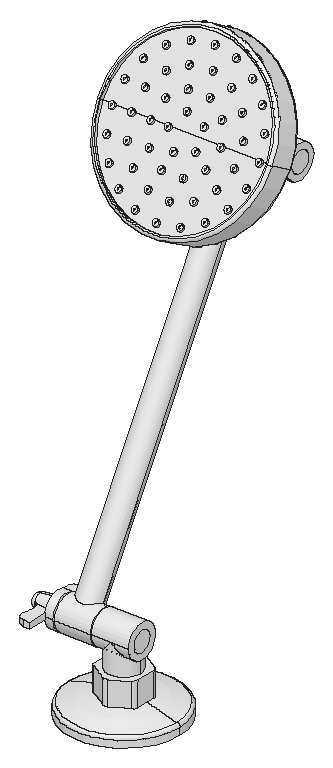
Revit family "CL10057-C3A_CLARK ROUND BASICS ADJUSTABLE SHOWER", category Plumbing Fixtures, host Face, Revit 2015
Parameters (values of type "CLARK ROUND BASICS ADJUSTABLE SHOWER")
  Waste Connection = no
  Vent Connection = no
  URL = "https://www.clark.com.au/"
  Shower Rod = GWA_Metal-Chrome
  Shower Nozzels = GWA_Metal-Chrome
  Shower Head = GWA_Metal-Chrome
  Model = "CL10057.C3A"
  Manufacturer = "GWA Bathrooms & Kitchens"  # constant formula
  HW Connection = no
  Description = "CLARK ROUND BASICS ADJUSTABLE SHOWER"
  Default Elevation = 0 mm
  CreatedBy_ANZRS = "GWA Bathrooms & Kitchens"  # constant formula
  CW Connection = no
  Assembly Code = "D2010710"
Reference planes
  plane 1 "Center (Front/Back)": y = 0
  plane 2: z = 0
  plane 3 "Center (Left/Right)": x = 0
Forms (mm)
  Sweep 1, solid, material "GWA_Metal-Chrome" <- "Shower Rod"
    path origin (-2.062, -0.721, 0) x (1, 0, 0) y (0, 1, 0)
      loop
        circle (0, 0) r 31
    profile origin (-2.062, 30.279, 0) x (0, -1, 0) y (0, 0, 1)
      loop
        line (-0.937, 0) -> (29.594, 0) -> (29.594, 10.207) -> (18.596, 10.207)
        arc (18.596, 10.207) -> (9.407, 8.593) -> (0.441, 6.016) r 88.065
        arc (0.441, 6.016) -> (-0.56, 5.23) -> (-0.937, 4.016) r 2.14
        line (-0.937, 4.016) -> (-0.937, 0)
  Extrusion 2, solid, material "GWA_Metal-Chrome" <- "Shower Rod"
    sketch origin (-2.062, -0.721, 0) x (1, 0, 0) y (0, 1, 0)
      loop
        line (1.61, -13.446) -> (11.081, -7.978)
        arc (11.081, -7.978) -> (12.135, -6.923) -> (12.522, -5.482) r 2.882
        line (12.522, -5.482) -> (12.522, 5.646)
        arc (12.522, 5.646) -> (12.133, 7.095) -> (11.072, 8.156) r 2.899
        line (11.072, 8.156) -> (1.576, 13.639)
        arc (1.576, 13.639) -> (0.151, 14.021) -> (-1.275, 13.639) r 2.852
        line (-1.275, 13.639) -> (-11.081, 7.978)
        arc (-11.081, 7.978) -> (-12.136, 6.923) -> (-12.522, 5.482) r 2.882
        line (-12.522, 5.482) -> (-12.522, -5.299)
        arc (-12.522, -5.299) -> (-12.129, -6.763) -> (-11.057, -7.835) r 2.929
        line (-11.057, -7.835) -> (-1.339, -13.446)
        arc (-1.339, -13.446) -> (0.135, -13.841) -> (1.61, -13.446) r 2.949
    from 8.844 to 23.755
  Extrusion 3, solid, material "GWA_Metal-Chrome" <- "Shower Rod"
    sketch origin (-2.062, -0.721, 0) x (1, 0, 0) y (0, 1, 0)
      loop
        circle (0, 0) r 9.5
    from 23.755 to 40
  Sweep 4, solid, material "GWA_Metal-Chrome" <- "Shower Rod"
    path origin (-0.812, -0.721, 0) x (0, 1, 0) y (0, 0, 1)
      loop
        arc (0.823, 40) -> (1.725, 42.576) -> (2.94, 45.02) r 21.946
        line (2.94, 45.02) -> (109.738, 230)
    profile origin (-0.812, 55.618, 137.51) x (0, -0.866025, 0.5) y (1, 0, 0)
      loop
        circle (0, -24) r 7
  Extrusion 5, solid, material "GWA_Metal-Chrome" <- "Shower Rod"
    sketch origin (-1.672, -0.721, 0.547) x (0, 1, 0) y (0, 0, 1)
      loop
        circle (0.002, 39.932) r 9.5
      loop
        circle (0.002, 39.932) r 6
      loop
        circle (0.002, 39.932) r 5.8
    from -37.97 to 10
  Extrusion 6, void
    sketch origin (-2.062, -0.721, 0) x (0, 1, 0) y (0, 0, 1)
      loop
        circle (0.002, 39.932) r 10.5
      loop
        circle (0.002, 39.932) r 8.2
    from -11.3 to -10.9
  Extrusion 7, void
    sketch origin (-0.695, -0.721, 0) x (0, 1, 0) y (0, 0, 1)
      loop
        circle (0, 40) r 10.5
      loop
        circle (0, 40) r 7
    from -34.167 to -33.167
  Extrusion 8, solid, material "GWA_Metal-Chrome" <- "Shower Rod"
    sketch origin (-2.062, 112.373, 196.25) x (0, 1, 0) y (0, 0, 1)
      loop
        circle (0.002, 39.932) r 9.5
      loop
        circle (0.002, 39.932) r 6
      loop
        circle (0.002, 39.932) r 5.8
    from -37.601 to 10.23
  Revolve 9, solid, material "GWA_Metal-Chrome" <- "Shower Rod"
    sketch origin (-2.062, 129.641, 225.965) x (0, 0.857167, -0.515038) y (1, 0, 0)
      loop
        line (-36.134, 9.919) -> (-36.134, 0) -> (-25.66, 0) -> (-25.66, 7) -> (-33.796, 7)
        arc (-33.796, 7) -> (-34.414, 8.417) -> (-34.777, 9.919) r 8.868
        line (-34.777, 9.919) -> (-36.134, 9.919)
      axis (-25.66, 0) -> (-36.134, 0)
    angle from 0 to 360
  Extrusion 10, solid, material "GWA_Metal-Chrome" <- "Shower Head"
    sketch origin (9.449, 71.942, 275.331) x (0.982629, 0.09558, 0.159072) y (-0.185579, 0.506092, 0.842278)
      loop
        arc (-16.812, -0.485) -> (-23.421, -8.098) -> (-20.043, -17.598) r 10
        arc (-20.043, -17.598) -> (-19.203, -18.181) -> (-18.273, -18.608) r 5.785
        arc (-18.273, -18.608) -> (-15.297, -18.967) -> (-12.395, -19.718) r 22.463
        arc (-12.395, -19.718) -> (-11.374, -19.66) -> (-10.379, -19.423) r 5.785
        arc (-10.379, -19.423) -> (-3.769, -11.81) -> (-7.147, -2.311) r 10
        arc (-7.147, -2.311) -> (-7.987, -1.727) -> (-8.917, -1.3) r 5.785
        arc (-8.917, -1.3) -> (-11.893, -0.942) -> (-14.795, -0.19) r 22.463
        arc (-14.795, -0.19) -> (-15.816, -0.248) -> (-16.812, -0.485) r 5.785
    from -25.57 to -38.75
  Revolve 11, solid, material "GWA_Metal-Chrome" <- "Shower Head"
    sketch origin (-2.062, 129.468, 226.385) x (0, 0.857167, -0.515038) y (1, 0, 0)
      loop
        line (-47.752, 0) -> (-47.752, 9.158) -> (-52.752, 9.158)
        arc (-52.752, 9.158) -> (-54.898, 11.843) -> (-58.094, 13.11) r 6.698
        line (-58.094, 13.11) -> (-58.094, 16.063)
        arc (-58.094, 16.063) -> (-58.475, 18.043) -> (-60.282, 18.938) r 2.27
        line (-60.282, 18.938) -> (-76.688, 18.938)
        arc (-76.688, 18.938) -> (-78.279, 19.478) -> (-79.212, 20.875) r 2.613
        line (-79.212, 20.875) -> (-79.212, 0) -> (-47.752, 0)
      axis (-47.752, 0) -> (-79.212, 0)
    angle from 0 to 360
  Revolve 12, solid, material "GWA_Metal-Chrome" <- "Shower Head"
    sketch origin (-2.062, 169.988, 205.209) x (0, 0.866025, -0.5) y (-1, 0, 0)
      loop
        line (-147.571, -47.188) -> (-147.571, -48.174)
        arc (-147.571, -48.174) -> (-147.132, -49.229) -> (-146.288, -50) r 2.64
        line (-146.288, -50) -> (-132.368, -50)
        arc (-132.368, -50) -> (-131.745, -49.782) -> (-131.393, -49.223) r 1
        arc (-131.393, -49.223) -> (-127.984, -34.56) -> (-124.464, -19.924) r 2006.69
        line (-124.464, -19.924) -> (-126.208, 0) -> (-146.571, 0) -> (-146.571, -47.188) -> (-147.571, -47.188)
      axis (-147.571, 0) -> (-124.464, 0)
    angle from 0 to 360
  Revolve 13, solid, material "GWA_Metal-Chrome" <- "Shower Rod"
    sketch origin (-2.062, -0.721, 0) x (1, 0, 0) y (0, 0, 1)
      loop
        line (-37.58, 40.557) -> (-51.095, 40.557)
        arc (-51.095, 40.557) -> (-50.137, 37.629) -> (-47.448, 36.125) r 4.235
        line (-47.448, 36.125) -> (-37.58, 34.593) -> (-37.58, 40.557)
      axis (-37.58, 40.557) -> (-51.095, 40.557)
    angle from 0 to 360
  Extrusion 14, solid, material "GWA_Metal-Chrome" <- "Shower Rod"
    sketch origin (-2.062, -0.721, 0) x (1, 0, 0) y (0, 1, 0)
      loop
        line (-37.601, 5.668) -> (-37.601, 19.963) -> (-41.101, 19.963)
        spline (-41.101, 19.963) -> (-43.016, 19.452) -> (-44.25, 18.603) -> (-44.924, 17.473) -> (-45.158, 16.121) -> (-45.072, 14.605) -> (-44.784, 12.984) -> (-44.426, 11.315) -> (-44.16, 9.661) -> (-44.158, 8.084) -> (-44.592, 6.645) -> (-45.631, 5.407) -> (-47.448, 4.432)
        line (-47.448, 4.432) -> (-37.601, 5.668)
    from 38.889 to 42.303
  Extrusion 15, solid, material "GWA_Metal-Chrome" <- "Shower Rod"
    sketch origin (-2.062, -0.721, 0) x (1, 0, 0) y (0, 1, 0)
      loop
        line (-37.601, -5.668) -> (-47.448, -4.432)
        spline (-47.448, -4.432) -> (-45.631, -5.407) -> (-44.592, -6.645) -> (-44.158, -8.084) -> (-44.16, -9.661) -> (-44.426, -11.315) -> (-44.784, -12.984) -> (-45.072, -14.605) -> (-45.158, -16.121) -> (-44.924, -17.473) -> (-44.25, -18.603) -> (-43.016, -19.452) -> (-41.101, -19.963)
        line (-41.101, -19.963) -> (-37.601, -19.963) -> (-37.601, -5.668)
    from 38.745 to 42.097
  Extrusion 16, solid, material "GWA_Metal-Chrome" <- "Shower Nozzels"
    sketch origin (-82.285, -32.316, 146.904) x (1, 0, 0) y (0, 0.5, 0.866025)
      loop
        circle (56.379, 184.833) r 1.748
    from 0 to 1.031
  Extrusion 17, void
    sketch origin (-82.285, -32.316, 146.904) x (1, 0, 0) y (0, 0.5, 0.866025)
      loop
        circle (56.379, 184.833) r 0.5
    from -0.292 to 1.451
  Extrusion 18, solid, material "GWA_Metal-Chrome" <- "Shower Nozzels"
    sketch origin (-70.563, -29.323, 152.089) x (1, 0, 0) y (0, 0.5, 0.866025)
      loop
        circle (56.379, 184.833) r 1.748
    from 0 to 1.031
  Extrusion 19, void
    sketch origin (-70.603, -29.342, 152.055) x (1, 0, 0) y (0, 0.5, 0.866025)
      loop
        circle (56.379, 184.833) r 0.5
    from -0.292 to 1.451
  Extrusion 20, solid, material "GWA_Metal-Chrome" <- "Shower Nozzels"
    sketch origin (-91.58, -36.964, 138.855) x (1, 0, 0) y (0, 0.5, 0.866025)
      loop
        circle (56.379, 184.833) r 1.748
    from 0 to 1.031
  Extrusion 21, void
    sketch origin (-91.58, -36.964, 138.855) x (1, 0, 0) y (0, 0.5, 0.866025)
      loop
        circle (56.379, 184.833) r 0.5
    from -0.292 to 1.451
  Extrusion 22, solid, material "GWA_Metal-Chrome" <- "Shower Nozzels"
    sketch origin (-97.539, -42.81, 128.729) x (1, 0, 0) y (0, 0.5, 0.866025)
      loop
        circle (56.379, 184.833) r 1.748
    from 0 to 1.031
  Extrusion 23, void
    sketch origin (-97.539, -42.81, 128.729) x (1, 0, 0) y (0, 0.5, 0.866025)
      loop
        circle (56.379, 184.833) r 0.5
    from -0.292 to 1.451
  Extrusion 24, solid, material "GWA_Metal-Chrome" <- "Shower Nozzels"
    sketch origin (-99.598, -49.306, 117.477) x (1, 0, 0) y (0, 0.5, 0.866025)
      loop
        circle (56.379, 184.833) r 1.748
    from 0 to 1.031
  Extrusion 25, void
    sketch origin (-99.598, -49.306, 117.477) x (1, 0, 0) y (0, 0.5, 0.866025)
      loop
        circle (56.379, 184.833) r 0.5
    from -0.292 to 1.451
  Extrusion 26, solid, material "GWA_Metal-Chrome" <- "Shower Nozzels"
    sketch origin (-57.598, -28.303, 153.856) x (1, 0, 0) y (0, 0.5, 0.866025)
      loop
        circle (56.379, 184.833) r 1.748
    from 0 to 1.031
  Extrusion 27, void
    sketch origin (-57.598, -28.303, 153.856) x (1, 0, 0) y (0, 0.5, 0.866025)
      loop
        circle (56.379, 184.833) r 0.5
    from -0.292 to 1.451
  Extrusion 28, solid, material "GWA_Metal-Chrome" <- "Shower Nozzels"
    sketch origin (79.847, -32.316, 146.904) x (-1, 0, 0) y (0, -0.5, -0.866025)
      loop
        circle (56.379, -184.833) r 1.748
    from 0 to 1.031
  Extrusion 29, void
    sketch origin (79.847, -32.316, 146.904) x (-1, 0, 0) y (0, -0.5, -0.866025)
      loop
        circle (56.379, -184.833) r 0.5
    from -0.292 to 1.451
  Extrusion 30, solid, material "GWA_Metal-Chrome" <- "Shower Nozzels"
    sketch origin (68.125, -29.323, 152.089) x (-1, 0, 0) y (0, -0.5, -0.866025)
      loop
        circle (56.379, -184.833) r 1.748
    from 0 to 1.031
  Extrusion 31, void
    sketch origin (68.164, -29.342, 152.055) x (-1, 0, 0) y (0, -0.5, -0.866025)
      loop
        circle (56.379, -184.833) r 0.5
    from -0.292 to 1.451
  Extrusion 32, solid, material "GWA_Metal-Chrome" <- "Shower Nozzels"
    sketch origin (89.141, -36.964, 138.855) x (-1, 0, 0) y (0, -0.5, -0.866025)
      loop
        circle (56.379, -184.833) r 1.748
    from 0 to 1.031
  Extrusion 33, void
    sketch origin (89.141, -36.964, 138.855) x (-1, 0, 0) y (0, -0.5, -0.866025)
      loop
        circle (56.379, -184.833) r 0.5
    from -0.292 to 1.451
  Extrusion 34, solid, material "GWA_Metal-Chrome" <- "Shower Nozzels"
    sketch origin (95.1, -42.81, 128.729) x (-1, 0, 0) y (0, -0.5, -0.866025)
      loop
        circle (56.379, -184.833) r 1.748
    from 0 to 1.031
  Extrusion 35, void
    sketch origin (95.1, -42.81, 128.729) x (-1, 0, 0) y (0, -0.5, -0.866025)
      loop
        circle (56.379, -184.833) r 0.5
    from -0.292 to 1.451
  Extrusion 36, solid, material "GWA_Metal-Chrome" <- "Shower Nozzels"
    sketch origin (97.16, -49.306, 117.477) x (-1, 0, 0) y (0, -0.5, -0.866025)
      loop
        circle (56.379, -184.833) r 1.748
    from 0 to 1.031
  Extrusion 37, void
    sketch origin (97.16, -49.306, 117.477) x (-1, 0, 0) y (0, -0.5, -0.866025)
      loop
        circle (56.379, -184.833) r 0.5
    from -0.292 to 1.451
  Extrusion 38, solid, material "GWA_Metal-Chrome" <- "Shower Nozzels"
    sketch origin (-82.285, 118.546, 408.205) x (1, 0, 0) y (0, 0.5, 0.866025)
      loop
        circle (56.379, -184.833) r 1.748
    from 0 to 1.031
  Extrusion 39, void
    sketch origin (-82.285, 118.546, 408.205) x (1, 0, 0) y (0, 0.5, 0.866025)
      loop
        circle (56.379, -184.833) r 0.5
    from -0.292 to 1.451
  Extrusion 40, solid, material "GWA_Metal-Chrome" <- "Shower Nozzels"
    sketch origin (-70.563, 115.552, 403.02) x (1, 0, 0) y (0, 0.5, 0.866025)
      loop
        circle (56.379, -184.833) r 1.748
    from 0 to 1.031
  Extrusion 41, void
    sketch origin (-70.603, 115.572, 403.054) x (1, 0, 0) y (0, 0.5, 0.866025)
      loop
        circle (56.379, -184.833) r 0.5
    from -0.292 to 1.451
  Extrusion 42, solid, material "GWA_Metal-Chrome" <- "Shower Nozzels"
    sketch origin (-91.58, 123.193, 416.254) x (1, 0, 0) y (0, 0.5, 0.866025)
      loop
        circle (56.379, -184.833) r 1.748
    from 0 to 1.031
  Extrusion 43, void
    sketch origin (-91.58, 123.193, 416.254) x (1, 0, 0) y (0, 0.5, 0.866025)
      loop
        circle (56.379, -184.833) r 0.5
    from -0.292 to 1.451
  Extrusion 44, solid, material "GWA_Metal-Chrome" <- "Shower Nozzels"
    sketch origin (-97.539, 129.039, 426.38) x (1, 0, 0) y (0, 0.5, 0.866025)
      loop
        circle (56.379, -184.833) r 1.748
    from 0 to 1.031
  Extrusion 45, void
    sketch origin (-97.539, 129.039, 426.38) x (1, 0, 0) y (0, 0.5, 0.866025)
      loop
        circle (56.379, -184.833) r 0.5
    from -0.292 to 1.451
  Extrusion 46, solid, material "GWA_Metal-Chrome" <- "Shower Nozzels"
    sketch origin (-57.598, 114.532, 401.254) x (1, 0, 0) y (0, 0.5, 0.866025)
      loop
        circle (56.379, -184.833) r 1.748
    from 0 to 1.031
  Extrusion 47, void
    sketch origin (-57.598, 114.532, 401.254) x (1, 0, 0) y (0, 0.5, 0.866025)
      loop
        circle (56.379, -184.833) r 0.5
    from -0.292 to 1.451
  Extrusion 48, solid, material "GWA_Metal-Chrome" <- "Shower Nozzels"
    sketch origin (79.847, 118.546, 408.205) x (-1, 0, 0) y (0, -0.5, -0.866025)
      loop
        circle (56.379, 184.833) r 1.748
    from 0 to 1.031
  Extrusion 49, void
    sketch origin (79.847, 118.546, 408.205) x (-1, 0, 0) y (0, -0.5, -0.866025)
      loop
        circle (56.379, 184.833) r 0.5
    from -0.292 to 1.451
  Extrusion 50, solid, material "GWA_Metal-Chrome" <- "Shower Nozzels"
    sketch origin (68.125, 115.552, 403.02) x (-1, 0, 0) y (0, -0.5, -0.866025)
      loop
        circle (56.379, 184.833) r 1.748
    from 0 to 1.031
  Extrusion 51, void
    sketch origin (68.164, 115.572, 403.054) x (-1, 0, 0) y (0, -0.5, -0.866025)
      loop
        circle (56.379, 184.833) r 0.5
    from -0.292 to 1.451
  Extrusion 52, solid, material "GWA_Metal-Chrome" <- "Shower Nozzels"
    sketch origin (89.141, 123.193, 416.254) x (-1, 0, 0) y (0, -0.5, -0.866025)
      loop
        circle (56.379, 184.833) r 1.748
    from 0 to 1.031
  Extrusion 53, void
    sketch origin (89.141, 123.193, 416.254) x (-1, 0, 0) y (0, -0.5, -0.866025)
      loop
        circle (56.379, 184.833) r 0.5
    from -0.292 to 1.451
  Extrusion 54, solid, material "GWA_Metal-Chrome" <- "Shower Nozzels"
    sketch origin (95.1, 129.039, 426.38) x (-1, 0, 0) y (0, -0.5, -0.866025)
      loop
        circle (56.379, 184.833) r 1.748
    from 0 to 1.031
  Extrusion 55, void
    sketch origin (95.1, 129.039, 426.38) x (-1, 0, 0) y (0, -0.5, -0.866025)
      loop
        circle (56.379, 184.833) r 0.5
    from -0.292 to 1.451
  Extrusion 56, solid, material "GWA_Metal-Chrome" <- "Shower Nozzels"
    sketch origin (-54.342, -33.883, 144.19) x (1, 0, 0) y (0, 0.5, 0.866025)
      loop
        circle (56.379, 184.833) r 1.748
    from 0 to 1.031
  Extrusion 57, void
    sketch origin (-54.342, -33.883, 144.19) x (1, 0, 0) y (0, 0.5, 0.866025)
      loop
        circle (56.379, 184.833) r 0.5
    from -0.292 to 1.451
  Extrusion 58, solid, material "GWA_Metal-Chrome" <- "Shower Nozzels"
    sketch origin (-112.479, -16.379, 174.508) x (0.913227, -0.203726, -0.352864) y (0.407452, 0.456613, 0.790878)
      loop
        circle (56.379, 184.833) r 1.748
    from 0 to 1.031
  Extrusion 59, void
    sketch origin (-112.479, -16.379, 174.508) x (0.913227, -0.203726, -0.352864) y (0.407452, 0.456613, 0.790878)
      loop
        circle (56.379, 184.833) r 0.5
    from -0.292 to 1.451
  Extrusion 60, solid, material "GWA_Metal-Chrome" <- "Shower Nozzels"
    sketch origin (-151.306, 11.45, 222.709) x (0.667966, -0.372096, -0.644489) y (0.744192, 0.333983, 0.578476)
      loop
        circle (56.379, 184.833) r 1.748
    from 0 to 1.031
  Extrusion 61, void
    sketch origin (-151.306, 11.45, 222.709) x (0.667966, -0.372096, -0.644489) y (0.744192, 0.333983, 0.578476)
      loop
        circle (56.379, 184.833) r 0.5
    from -0.292 to 1.451
  Extrusion 62, solid, material "GWA_Metal-Chrome" <- "Shower Nozzels"
    sketch origin (-164.087, 44.774, 280.428) x (0.306782, -0.47589, -0.824265) y (0.95178, 0.153391, 0.265681)
      loop
        circle (56.379, 184.833) r 1.748
    from 0 to 1.031
  Extrusion 63, void
    sketch origin (-164.087, 44.774, 280.428) x (0.306782, -0.47589, -0.824265) y (0.95178, 0.153391, 0.265681)
      loop
        circle (56.379, 184.833) r 0.5
    from -0.292 to 1.451
  Extrusion 64, solid, material "GWA_Metal-Chrome" <- "Shower Nozzels"
    sketch origin (-148.602, 77.81, 337.649) x (-0.107643, -0.497095, -0.860993) y (0.99419, -0.053821, -0.093221)
      loop
        circle (56.379, 184.833) r 1.748
    from 0 to 1.031
  Extrusion 65, void
    sketch origin (-148.602, 77.81, 337.649) x (-0.107643, -0.497095, -0.860993) y (0.99419, -0.053821, -0.093221)
      loop
        circle (56.379, 184.833) r 0.5
    from -0.292 to 1.451
  Extrusion 66, solid, material "GWA_Metal-Chrome" <- "Shower Nozzels"
    sketch origin (-107.54, 104.825, 384.44) x (-0.503387, -0.432031, -0.748299) y (0.864061, -0.251693, -0.435946)
      loop
        circle (56.379, 184.833) r 1.748
    from 0 to 1.031
  Extrusion 67, void
    sketch origin (-107.54, 104.825, 384.44) x (-0.503387, -0.432031, -0.748299) y (0.864061, -0.251693, -0.435946)
      loop
        circle (56.379, 184.833) r 0.5
    from -0.292 to 1.451
  Extrusion 68, solid, material "GWA_Metal-Chrome" <- "Shower Nozzels"
    sketch origin (-48.026, 121.131, 412.682) x (-0.811769, -0.291989, -0.50574) y (0.583978, -0.405885, -0.703013)
      loop
        circle (56.379, 184.833) r 1.748
    from 0 to 1.031
  Extrusion 69, void
    sketch origin (-48.026, 121.131, 412.682) x (-0.811769, -0.291989, -0.50574) y (0.583978, -0.405885, -0.703013)
      loop
        circle (56.379, 184.833) r 0.5
    from -0.292 to 1.451
  Extrusion 70, solid, material "GWA_Metal-Chrome" <- "Shower Nozzels"
    sketch origin (19.611, 123.897, 417.473) x (-0.979272, -0.101274, -0.175411) y (0.202548, -0.489636, -0.848075)
      loop
        circle (56.379, 184.833) r 1.748
    from 0 to 1.031
  Extrusion 71, void
    sketch origin (19.611, 123.897, 417.473) x (-0.979272, -0.101274, -0.175411) y (0.202548, -0.489636, -0.848075)
      loop
        circle (56.379, 184.833) r 0.5
    from -0.292 to 1.451
  Extrusion 72, solid, material "GWA_Metal-Chrome" <- "Shower Nozzels"
    sketch origin (83.633, 112.643, 397.982) x (-0.976826, 0.107017, 0.185359) y (-0.214035, -0.488413, -0.845956)
      loop
        circle (56.379, 184.833) r 1.748
    from 0 to 1.031
  Extrusion 73, void
    sketch origin (83.633, 112.643, 397.982) x (-0.976826, 0.107017, 0.185359) y (-0.214035, -0.488413, -0.845956)
      loop
        circle (56.379, 184.833) r 0.5
    from -0.292 to 1.451
  Extrusion 74, solid, material "GWA_Metal-Chrome" <- "Shower Nozzels"
    sketch origin (132.929, 89.323, 357.591) x (-0.804855, 0.296736, 0.513961) y (-0.593472, -0.402427, -0.697025)
      loop
        circle (56.379, 184.833) r 1.748
    from 0 to 1.031
  Extrusion 75, void
    sketch origin (132.929, 89.323, 357.591) x (-0.804855, 0.296736, 0.513961) y (-0.593472, -0.402427, -0.697025)
      loop
        circle (56.379, 184.833) r 0.5
    from -0.292 to 1.451
  Extrusion 76, solid, material "GWA_Metal-Chrome" <- "Shower Nozzels"
    sketch origin (158.944, 57.984, 303.309) x (-0.493204, 0.434957, 0.753367) y (-0.869914, -0.246602, -0.427127)
      loop
        circle (56.379, 184.833) r 1.748
    from 0 to 1.031
  Extrusion 77, void
    sketch origin (158.944, 57.984, 303.309) x (-0.493204, 0.434957, 0.753367) y (-0.869914, -0.246602, -0.427127)
      loop
        circle (56.379, 184.833) r 0.5
    from -0.292 to 1.451
  Extrusion 78, solid, material "GWA_Metal-Chrome" <- "Shower Nozzels"
    sketch origin (157.163, 24.064, 244.559) x (-0.095959, 0.497693, 0.862029) y (-0.995385, -0.04798, -0.083103)
      loop
        circle (56.379, 184.833) r 1.748
    from 0 to 1.031
  Extrusion 79, void
    sketch origin (157.163, 24.064, 244.559) x (-0.095959, 0.497693, 0.862029) y (-0.995385, -0.04798, -0.083103)
      loop
        circle (56.379, 184.833) r 0.5
    from -0.292 to 1.451
  Extrusion 80, solid, material "GWA_Metal-Chrome" <- "Shower Nozzels"
    sketch origin (127.896, -6.549, 191.534) x (0.317939, 0.474056, 0.821088) y (-0.948111, 0.15897, 0.275343)
      loop
        circle (56.379, 184.833) r 1.748
    from 0 to 1.031
  Extrusion 81, void
    sketch origin (127.896, -6.549, 191.534) x (0.317939, 0.474056, 0.821088) y (-0.948111, 0.15897, 0.275343)
      loop
        circle (56.379, 184.833) r 0.5
    from -0.292 to 1.451
  Extrusion 82, solid, material "GWA_Metal-Chrome" <- "Shower Nozzels"
    sketch origin (76.221, -28.544, 153.439) x (0.67666, 0.368148, 0.637651) y (-0.736296, 0.33833, 0.586005)
      loop
        circle (56.379, 184.833) r 1.748
    from 0 to 1.031
  Extrusion 83, void
    sketch origin (76.221, -28.544, 153.439) x (0.67666, 0.368148, 0.637651) y (-0.736296, 0.33833, 0.586005)
      loop
        circle (56.379, 184.833) r 0.5
    from -0.292 to 1.451
  Extrusion 84, solid, material "GWA_Metal-Chrome" <- "Shower Nozzels"
    sketch origin (-67.218, -34.569, 143.002) x (1, 0, 0) y (0, 0.5, 0.866025)
      loop
        circle (56.379, 184.833) r 1.748
    from 0 to 1.031
  Extrusion 85, void
    sketch origin (-67.218, -34.569, 143.002) x (1, 0, 0) y (0, 0.5, 0.866025)
      loop
        circle (56.379, 184.833) r 0.5
    from -0.292 to 1.451
  Extrusion 86, solid, material "GWA_Metal-Chrome" <- "Shower Nozzels"
    sketch origin (-51.365, -39.772, 133.991) x (1, 0, 0) y (0, 0.5, 0.866025)
      loop
        circle (56.379, 184.833) r 1.748
    from 0 to 1.031
  Extrusion 87, void
    sketch origin (-51.365, -39.772, 133.991) x (1, 0, 0) y (0, 0.5, 0.866025)
      loop
        circle (56.379, 184.833) r 0.5
    from -0.292 to 1.451
  Extrusion 88, solid, material "GWA_Metal-Chrome" <- "Shower Nozzels"
    sketch origin (-138.19, -9.959, 185.628) x (0.814765, -0.289896, -0.502114) y (0.579792, 0.407382, 0.705607)
      loop
        circle (56.379, 184.833) r 1.748
    from 0 to 1.031
  Extrusion 89, void
    sketch origin (-138.19, -9.959, 185.628) x (0.814765, -0.289896, -0.502114) y (0.579792, 0.407382, 0.705607)
      loop
        circle (56.379, 184.833) r 0.5
    from -0.292 to 1.451
  Extrusion 90, solid, material "GWA_Metal-Chrome" <- "Shower Nozzels"
    sketch origin (-174.271, 39.487, 271.271) x (0.327683, -0.472394, -0.81821) y (0.944788, 0.163842, 0.283782)
      loop
        circle (56.379, 184.833) r 1.748
    from 0 to 1.031
  Extrusion 91, void
    sketch origin (-174.271, 39.487, 271.271) x (0.327683, -0.472394, -0.81821) y (0.944788, 0.163842, 0.283782)
      loop
        circle (56.379, 184.833) r 0.5
    from -0.292 to 1.451
  Extrusion 92, solid, material "GWA_Metal-Chrome" <- "Shower Nozzels"
    sketch origin (-146.554, 90.219, 359.141) x (-0.280795, -0.479884, -0.831183) y (0.959768, -0.140398, -0.243176)
      loop
        circle (56.379, 184.833) r 1.748
    from 0 to 1.031
  Extrusion 93, void
    sketch origin (-146.554, 90.219, 359.141) x (-0.280795, -0.479884, -0.831183) y (0.959768, -0.140398, -0.243176)
      loop
        circle (56.379, 184.833) r 0.5
    from -0.292 to 1.451
  Extrusion 94, solid, material "GWA_Metal-Chrome" <- "Shower Nozzels"
    sketch origin (-65.189, 123.648, 417.042) x (-0.785247, -0.309591, -0.536227) y (0.619182, -0.392624, -0.680044)
      loop
        circle (56.379, 184.833) r 1.748
    from 0 to 1.031
  Extrusion 95, void
    sketch origin (-65.189, 123.648, 417.042) x (-0.785247, -0.309591, -0.536227) y (0.619182, -0.392624, -0.680044)
      loop
        circle (56.379, 184.833) r 0.5
    from -0.292 to 1.451
  Extrusion 96, solid, material "GWA_Metal-Chrome" <- "Shower Nozzels"
    sketch origin (39.771, 127.291, 423.352) x (-0.998789, -0.024604, -0.042615) y (0.049208, -0.499394, -0.864976)
      loop
        circle (56.379, 184.833) r 1.748
    from 0 to 1.031
  Extrusion 97, void
    sketch origin (39.771, 127.291, 423.352) x (-0.998789, -0.024604, -0.042615) y (0.049208, -0.499394, -0.864976)
      loop
        circle (56.379, 184.833) r 0.5
    from -0.292 to 1.451
  Extrusion 98, solid, material "GWA_Metal-Chrome" <- "Shower Nozzels"
    sketch origin (129.745, 99.885, 375.884) x (-0.842308, 0.269498, 0.466785) y (-0.538997, -0.421154, -0.72946)
      loop
        circle (56.379, 184.833) r 1.748
    from 0 to 1.031
  Extrusion 99, void
    sketch origin (129.745, 99.885, 375.884) x (-0.842308, 0.269498, 0.466785) y (-0.538997, -0.421154, -0.72946)
      loop
        circle (56.379, 184.833) r 0.5
    from -0.292 to 1.451
  Extrusion 100, solid, material "GWA_Metal-Chrome" <- "Shower Nozzels"
    sketch origin (171.281, 51.543, 292.154) x (-0.373777, 0.463759, 0.803255) y (-0.927519, -0.186889, -0.323701)
      loop
        circle (56.379, 184.833) r 1.748
    from 0 to 1.031
  Extrusion 101, void
    sketch origin (171.281, 51.543, 292.154) x (-0.373777, 0.463759, 0.803255) y (-0.927519, -0.186889, -0.323701)
      loop
        circle (56.379, 184.833) r 0.5
    from -0.292 to 1.451
  Extrusion 102, solid, material "GWA_Metal-Chrome" <- "Shower Nozzels"
    sketch origin (149.224, 0.027, 202.925) x (0.233227, 0.486211, 0.842142) y (-0.972422, 0.116614, 0.201981)
      loop
        circle (56.379, 184.833) r 1.748
    from 0 to 1.031
  Extrusion 103, void
    sketch origin (149.224, 0.027, 202.925) x (0.233227, 0.486211, 0.842142) y (-0.972422, 0.116614, 0.201981)
      loop
        circle (56.379, 184.833) r 0.5
    from -0.292 to 1.451
  Extrusion 104, solid, material "GWA_Metal-Chrome" <- "Shower Nozzels"
    sketch origin (71.623, -35.529, 141.339) x (0.753828, 0.328536, 0.569041) y (-0.657072, 0.376914, 0.652834)
      loop
        circle (56.379, 184.833) r 1.748
    from 0 to 1.031
  Extrusion 105, void
    sketch origin (71.623, -35.529, 141.339) x (0.753828, 0.328536, 0.569041) y (-0.657072, 0.376914, 0.652834)
      loop
        circle (56.379, 184.833) r 0.5
    from -0.292 to 1.451
  Extrusion 106, solid, material "GWA_Metal-Chrome" <- "Shower Nozzels"
    sketch origin (181.281, 51.543, 292.154) x (-0.373777, 0.463759, 0.803255) y (-0.927519, -0.186889, -0.323701)
      loop
        circle (56.379, 184.833) r 1.748
    from 0 to 1.031
  Extrusion 107, void
    sketch origin (181.281, 51.543, 292.154) x (-0.373777, 0.463759, 0.803255) y (-0.927519, -0.186889, -0.323701)
      loop
        circle (56.379, 184.833) r 0.5
    from -0.292 to 1.451
  Extrusion 108, solid, material "GWA_Metal-Chrome" <- "Shower Nozzels"
    sketch origin (-186.221, 36.482, 266.067) x (0.327683, -0.472394, -0.81821) y (0.944788, 0.163842, 0.283782)
      loop
        circle (56.379, 184.833) r 1.748
    from 0 to 1.031
  Extrusion 109, void
    sketch origin (-186.221, 36.482, 266.067) x (0.327683, -0.472394, -0.81821) y (0.944788, 0.163842, 0.283782)
      loop
        circle (56.379, 184.833) r 0.5
    from -0.292 to 1.451
  Extrusion 110, solid, material "GWA_Metal-Chrome" <- "Shower Nozzels"
    sketch origin (-197.387, 34.724, 263.022) x (0.327683, -0.472394, -0.81821) y (0.944788, 0.163842, 0.283782)
      loop
        circle (56.379, 184.833) r 1.748
    from 0 to 1.031
  Extrusion 111, void
    sketch origin (-197.543, 34.724, 263.022) x (0.327683, -0.472394, -0.81821) y (0.944788, 0.163842, 0.283782)
      loop
        circle (56.379, 184.833) r 0.5
    from -0.292 to 1.451
  Extrusion 112, solid, material "GWA_Metal-Chrome" <- "Shower Nozzels"
    sketch origin (-186.181, 42.393, 276.304) x (0.327683, -0.472394, -0.81821) y (0.944788, 0.163842, 0.283782)
      loop
        circle (56.379, 184.833) r 1.748
    from 0 to 1.031
  Extrusion 113, void
    sketch origin (-186.26, 42.354, 276.237) x (0.327683, -0.472394, -0.81821) y (0.944788, 0.163842, 0.283782)
      loop
        circle (56.379, 184.833) r 0.5
    from -0.292 to 1.451
  Extrusion 114, solid, material "GWA_Metal-Chrome" <- "Shower Nozzels"
    sketch origin (-197.435, 44.234, 279.493) x (0.327683, -0.472394, -0.81821) y (0.944788, 0.163842, 0.283782)
      loop
        circle (56.379, 184.833) r 1.748
    from 0 to 1.031
  Extrusion 115, void
    sketch origin (-197.357, 44.195, 279.425) x (0.327683, -0.472394, -0.81821) y (0.944788, 0.163842, 0.283782)
      loop
        circle (56.379, 184.833) r 0.5
    from -0.292 to 1.451
  Extrusion 116, void
    sketch origin (0, 0, 0) x (0, 1, 0) y (0, 0, 1)
      loop
        circle (112.346, 236.222) r 10
      loop
        circle (112.346, 236.222) r 8.065
    from -34.855 to -33.857
  Extrusion 117, void
    sketch origin (0, 0, 0) x (0, 1, 0) y (0, 0, 1)
      loop
        circle (112.344, 236.224) r 10
      loop
        circle (112.506, 236.102) r 8.65
    from -13.355 to -12.948
  Revolve 118, solid, material "GWA_Metal-Chrome" <- "Shower Rod"
    sketch origin (-2.062, 112.375, 195.729) x (1, 0, 0) y (0, 0, 1)
      loop
        line (-37.58, 40.557) -> (-51.095, 40.557)
        arc (-51.095, 40.557) -> (-50.137, 37.629) -> (-47.448, 36.125) r 4.235
        line (-47.448, 36.125) -> (-37.58, 34.593) -> (-37.58, 40.557)
      axis (-37.58, 40.557) -> (-51.095, 40.557)
    angle from 0 to 360
  Extrusion 119, solid, material "GWA_Metal-Chrome" <- "Shower Rod"
    sketch origin (-2.062, 112.375, 195.729) x (1, 0, 0) y (0, 1, 0)
      loop
        line (-37.601, 5.668) -> (-37.601, 19.963) -> (-41.101, 19.963)
        spline (-41.101, 19.963) -> (-43.016, 19.452) -> (-44.25, 18.603) -> (-44.924, 17.473) -> (-45.158, 16.121) -> (-45.072, 14.605) -> (-44.784, 12.984) -> (-44.426, 11.315) -> (-44.16, 9.661) -> (-44.158, 8.084) -> (-44.592, 6.645) -> (-45.631, 5.407) -> (-47.448, 4.432)
        line (-47.448, 4.432) -> (-37.601, 5.668)
    from 38.889 to 42.303
  Extrusion 120, solid, material "GWA_Metal-Chrome" <- "Shower Rod"
    sketch origin (-2.062, 112.375, 195.729) x (1, 0, 0) y (0, 1, 0)
      loop
        line (-37.601, -5.668) -> (-47.448, -4.432)
        spline (-47.448, -4.432) -> (-45.631, -5.407) -> (-44.592, -6.645) -> (-44.158, -8.084) -> (-44.16, -9.661) -> (-44.426, -11.315) -> (-44.784, -12.984) -> (-45.072, -14.605) -> (-45.158, -16.121) -> (-44.924, -17.473) -> (-44.25, -18.603) -> (-43.016, -19.452) -> (-41.101, -19.963)
        line (-41.101, -19.963) -> (-37.601, -19.963) -> (-37.601, -5.668)
    from 38.745 to 42.097
Cuts and joins
  Extrusion 6, Extrusion 7 cuts Extrusion 5
  Extrusion 17 cuts Extrusion 16
  Extrusion 19 cuts Extrusion 18
  Extrusion 21 cuts Extrusion 20
  Extrusion 23 cuts Extrusion 22
  Extrusion 25 cuts Extrusion 24
  Extrusion 27 cuts Extrusion 26
  Extrusion 29 cuts Extrusion 28
  Extrusion 31 cuts Extrusion 30
  Extrusion 33 cuts Extrusion 32
  Extrusion 35 cuts Extrusion 34
  Extrusion 37 cuts Extrusion 36
  Extrusion 39 cuts Extrusion 38
  Extrusion 41 cuts Extrusion 40
  Extrusion 43 cuts Extrusion 42
  Extrusion 45 cuts Extrusion 44
  Extrusion 47 cuts Extrusion 46
  Extrusion 49 cuts Extrusion 48
  Extrusion 51 cuts Extrusion 50
  Extrusion 53 cuts Extrusion 52
  Extrusion 55 cuts Extrusion 54
  Extrusion 57 cuts Sweep 1
  Extrusion 57 cuts Extrusion 56
  Extrusion 59 cuts Extrusion 58
  Extrusion 61 cuts Extrusion 60
  Extrusion 63 cuts Extrusion 62
  Extrusion 65 cuts Extrusion 64
  Extrusion 67 cuts Extrusion 66
  Extrusion 69 cuts Extrusion 68
  Extrusion 71 cuts Extrusion 70
  Extrusion 73 cuts Extrusion 72
  Extrusion 75 cuts Extrusion 74
  Extrusion 77 cuts Extrusion 76
  Extrusion 79 cuts Extrusion 78
  Extrusion 81 cuts Extrusion 80
  Extrusion 83 cuts Extrusion 82
  Extrusion 85 cuts Extrusion 84
  Extrusion 87 cuts Extrusion 86
  Extrusion 89 cuts Extrusion 88
  Extrusion 91 cuts Extrusion 90
  Extrusion 93 cuts Extrusion 92
  Extrusion 95 cuts Extrusion 94
  Extrusion 97 cuts Extrusion 96
  Extrusion 99 cuts Extrusion 98
  Extrusion 101 cuts Extrusion 100
  Extrusion 103 cuts Extrusion 102
  Extrusion 105 cuts Extrusion 104
  Extrusion 107 cuts Extrusion 106
  Extrusion 109 cuts Extrusion 108
  Extrusion 111 cuts Extrusion 110
  Extrusion 113 cuts Extrusion 112
  Extrusion 115 cuts Extrusion 114
  Extrusion 116, Extrusion 117 cuts Extrusion 8
  Extrusion 116 cuts Revolve 9
Lines and regions (mm)
  Masking region 1
    outline origin (-341.089, -49.751, 0) x (1, 0, 0) y (0, 1, 0)
      loop
        line (307.229, 171.63) -> (307.229, 170.166) -> (306.232, 170.166) -> (306.232, 171.63) -> (301.444, 171.63) -> (301.444, 181.917) -> (297.923, 181.917)
        arc (297.923, 181.917) -> (296.64, 181.621) -> (295.442, 181.073) r 6.488
        arc (295.442, 181.073) -> (294.428, 180.101) -> (293.959, 178.778) r 3.041
        arc (293.959, 178.778) -> (293.928, 176.783) -> (294.262, 174.816) r 10.846
        arc (294.262, 174.816) -> (294.705, 172.726) -> (294.928, 170.602) r 20.596
        arc (294.928, 170.602) -> (294.052, 167.858) -> (291.576, 166.385) r 4.063
        arc (291.576, 166.385) -> (287.857, 161.953) -> (291.576, 157.521) r 4.5
        arc (291.576, 157.521) -> (294.052, 156.048) -> (294.928, 153.305) r 4.063
        arc (294.928, 153.305) -> (294.705, 151.18) -> (294.262, 149.09) r 20.596
        arc (294.262, 149.09) -> (293.928, 147.123) -> (293.959, 145.128) r 10.846
        arc (293.959, 145.128) -> (294.428, 143.805) -> (295.442, 142.833) r 3.041
        arc (295.442, 142.833) -> (296.64, 142.285) -> (297.923, 141.99) r 6.488
        line (297.923, 141.99) -> (301.444, 141.99) -> (301.444, 152.63) -> (306.232, 152.63) -> (306.232, 154.035) -> (307.229, 154.035) -> (307.229, 152.63) -> (309.274, 152.63) -> (309.274, 125.6)
        spline (309.274, 125.6) -> (310.127, 125.915) -> (310.992, 126.221) -> (311.871, 126.517) -> (312.761, 126.804) -> (313.663, 127.081) -> (314.576, 127.349) -> (315.5, 127.607) -> (316.434, 127.854) -> (317.378, 128.092) -> (318.332, 128.319) -> (319.295, 128.536) -> (320.267, 128.743)
        spline (320.267, 128.743) -> (320.294, 129.175) -> (320.362, 129.607) -> (320.473, 130.036) -> (320.624, 130.463) -> (320.817, 130.885) -> (321.051, 131.302) -> (321.325, 131.714) -> (321.639, 132.119) -> (321.991, 132.516) -> (322.382, 132.904) -> (322.81, 133.283) -> (323.274, 133.652)
        line (323.274, 133.652) -> (323.274, 152.63) -> (333.608, 152.63)
        spline (333.608, 152.63) -> (334.433, 152.868) -> (335.3, 153.067) -> (336.201, 153.223) -> (337.128, 153.336) -> (338.071, 153.404) -> (339.024, 153.426) -> (339.976, 153.404) -> (340.92, 153.336) -> (341.847, 153.223) -> (342.748, 153.067) -> (343.615, 152.868) -> (344.44, 152.63)
        line (344.44, 152.63) -> (349.254, 152.63) -> (349.254, 171.63) -> (307.229, 171.63)
  Masking region 2
    outline origin (-341.089, -49.751, 0) x (1, 0, 0) y (0, 1, 0)
      loop
        line (329.024, 148.426) -> (329.024, 136.42)
        spline (329.024, 136.42) -> (327.735, 135.987) -> (326.525, 135.503) -> (325.402, 134.972) -> (324.374, 134.396) -> (323.448, 133.781) -> (322.63, 133.129) -> (321.927, 132.447) -> (321.343, 131.739) -> (320.882, 131.009) -> (320.548, 130.263) -> (320.342, 129.506) -> (320.267, 128.743)
        spline (320.267, 128.743) -> (315.785, 127.683) -> (311.529, 126.404) -> (307.541, 124.916) -> (303.861, 123.235) -> (300.525, 121.377) -> (297.564, 119.36) -> (295.008, 117.204) -> (292.882, 114.93) -> (291.207, 112.559) -> (289.998, 110.117) -> (289.268, 107.625) -> (289.024, 105.109)
        line (289.024, 105.109) -> (289.024, 93.053)
        spline (289.024, 93.053) -> (289.175, 91.082) -> (289.628, 89.123) -> (290.38, 87.188) -> (291.427, 85.288) -> (292.762, 83.435) -> (294.377, 81.641) -> (296.262, 79.915) -> (298.406, 78.269) -> (300.796, 76.713) -> (303.417, 75.255) -> (306.254, 73.905) -> (309.289, 72.671)
        line (309.289, 72.671) -> (309.289, 58.536) -> (307.224, 58.536) -> (307.224, 56.033) -> (306.224, 56.033) -> (306.224, 58.536) -> (301.444, 58.536) -> (301.444, 68.997) -> (297.923, 68.997)
        arc (297.923, 68.997) -> (296.64, 68.701) -> (295.442, 68.153) r 6.488
        arc (295.442, 68.153) -> (294.428, 67.182) -> (293.959, 65.858) r 3.041
        arc (293.959, 65.858) -> (293.928, 63.863) -> (294.262, 61.897) r 10.846
        arc (294.262, 61.897) -> (294.705, 59.807) -> (294.928, 57.682) r 20.596
        arc (294.928, 57.682) -> (294.052, 54.938) -> (291.576, 53.465) r 4.063
        arc (291.576, 53.465) -> (287.857, 49.033) -> (291.576, 44.602) r 4.5
        arc (291.576, 44.602) -> (294.052, 43.129) -> (294.928, 40.385) r 4.063
        arc (294.928, 40.385) -> (294.705, 38.26) -> (294.262, 36.17) r 20.596
        arc (294.262, 36.17) -> (293.928, 34.203) -> (293.959, 32.208) r 10.846
        arc (293.959, 32.208) -> (294.428, 30.885) -> (295.442, 29.914) r 3.041
        arc (295.442, 29.914) -> (296.64, 29.365) -> (297.923, 29.07) r 6.488
        line (297.923, 29.07) -> (301.444, 29.07) -> (301.444, 39.536) -> (306.224, 39.536) -> (306.224, 42.033) -> (307.224, 42.033) -> (307.224, 39.536) -> (308.538, 39.536)
        arc (308.538, 39.536) -> (354.984, 21.37) -> (362.508, 70.671) r 31.933
        spline (362.508, 70.671) -> (366.387, 71.834) -> (370.043, 73.17) -> (373.448, 74.666) -> (376.573, 76.313) -> (379.393, 78.095) -> (381.885, 79.998) -> (384.029, 82.008) -> (385.808, 84.107) -> (387.206, 86.28) -> (388.213, 88.507) -> (388.821, 90.771) -> (389.024, 93.053)
        line (389.024, 93.053) -> (389.024, 105.109)
        spline (389.024, 105.109) -> (388.779, 107.63) -> (388.046, 110.126) -> (386.833, 112.574) -> (385.151, 114.948) -> (383.016, 117.226) -> (380.451, 119.385) -> (377.479, 121.404) -> (374.131, 123.263) -> (370.438, 124.944) -> (366.437, 126.431) -> (362.168, 127.709) -> (357.672, 128.765)
        spline (357.672, 128.765) -> (357.594, 129.521) -> (357.388, 130.271) -> (357.056, 131.01) -> (356.6, 131.733) -> (356.023, 132.435) -> (355.329, 133.112) -> (354.523, 133.758) -> (353.609, 134.369) -> (352.595, 134.941) -> (351.488, 135.471) -> (350.295, 135.954) -> (349.024, 136.386)
        line (349.024, 136.386) -> (349.024, 148.426)
        spline (349.024, 148.426) -> (348.683, 149.72) -> (347.684, 150.926) -> (346.095, 151.962) -> (344.024, 152.756) -> (341.612, 153.256) -> (339.024, 153.426) -> (336.436, 153.256) -> (334.024, 152.756) -> (331.953, 151.962) -> (330.364, 150.926) -> (329.365, 149.72) -> (329.024, 148.426)
  Masking region 3
    outline origin (0, -300, -802.911) x (0, 1, 0) y (0, 0, 1)
      loop
        line (267.341, 802.911) -> (331.216, 802.911) -> (331.216, 807.026)
        arc (331.216, 807.026) -> (330.84, 808.193) -> (329.854, 808.921) r 2
        arc (329.854, 808.921) -> (321.665, 811.275) -> (313.3, 812.893) r 95.948
        line (313.3, 812.893) -> (313.3, 826.666) -> (308.779, 826.666) -> (308.779, 841.8) -> (319.242, 841.8) -> (319.242, 845.214) -> (308.733, 845.214) -> (415.487, 1030.116)
        arc (415.487, 1030.116) -> (419.634, 1032.964) -> (421.745, 1037.529) r 9.5
        line (421.745, 1037.529) -> (432.162, 1037.529) -> (432.162, 1040.943) -> (421.693, 1040.943)
        arc (421.693, 1040.943) -> (417.719, 1046.947) -> (410.675, 1048.439) r 9.5
        line (410.675, 1048.439) -> (403.438, 1052.788) -> (404.689, 1054.87) -> (388.968, 1064.316)
        arc (388.968, 1064.316) -> (388.54, 1067.734) -> (386.424, 1070.454) r 6.5
        line (386.424, 1070.454) -> (388.396, 1073.735)
        arc (388.396, 1073.735) -> (388.622, 1075.249) -> (387.711, 1076.48) r 2
        line (387.711, 1076.48) -> (371.708, 1086.096) -> (380.812, 1116.452)
        arc (380.812, 1116.452) -> (380.783, 1117.108) -> (380.354, 1117.605) r 1
        line (380.354, 1117.605) -> (368.054, 1124.706)
        arc (368.054, 1124.706) -> (367.295, 1124.806) -> (366.688, 1124.34) r 1
        line (366.688, 1124.34) -> (317.688, 1039.47)
        arc (317.688, 1039.47) -> (317.588, 1038.711) -> (318.054, 1038.104) r 1
        line (318.054, 1038.104) -> (330.354, 1031.003)
        arc (330.354, 1031.003) -> (330.999, 1030.879) -> (331.582, 1031.183) r 1
        line (331.582, 1031.183) -> (351.2, 1051.998) -> (352.186, 1053.638) -> (368.204, 1044.014)
        arc (368.204, 1044.014) -> (369.718, 1043.788) -> (370.948, 1044.698) r 2
        line (370.948, 1044.698) -> (372.922, 1047.983)
        arc (372.922, 1047.983) -> (376.315, 1047.391) -> (379.534, 1048.615) r 6.5
        line (379.534, 1048.615) -> (392.235, 1040.984) -> (392.235, 1037.385) -> (401.889, 1037.385) -> (403.098, 1036.659) -> (296.81, 852.562)
        arc (296.81, 852.562) -> (292.262, 849.791) -> (289.92, 845.008) r 9.5
        line (289.92, 845.008) -> (279.315, 845.008) -> (279.315, 841.656) -> (289.779, 841.656) -> (289.779, 826.666) -> (285.438, 826.666) -> (285.438, 812.92)
        arc (285.438, 812.92) -> (276.981, 811.296) -> (268.704, 808.921) r 95.948
        arc (268.704, 808.921) -> (267.717, 808.193) -> (267.341, 807.026) r 2
        line (267.341, 807.026) -> (267.341, 802.911)
  Masking region 4
    outline origin (200, 0, -935.484) x (1, 0, 0) y (0, 0, 1)
      loop
        line (-170.125, 935.484) -> (-170.125, 939.599)
        arc (-170.125, 939.599) -> (-170.501, 940.766) -> (-171.486, 941.495) r 2
        arc (-171.486, 941.495) -> (-180.412, 944.028) -> (-189.541, 945.686) r 95.753
        line (-189.541, 945.686) -> (-189.541, 959.24) -> (-192.562, 959.24) -> (-192.562, 966.463) -> (-191.672, 966.463) -> (-191.672, 985.463) -> (-217.812, 985.463) -> (-217.812, 1162.166) -> (-191.832, 1162.166) -> (-191.832, 1164.232)
        spline (-191.832, 1164.232) -> (-186.344, 1165.519) -> (-181.059, 1167.341) -> (-176.046, 1169.673) -> (-171.368, 1172.486) -> (-167.087, 1175.743) -> (-163.258, 1179.403) -> (-159.931, 1183.417) -> (-157.148, 1187.735) -> (-154.945, 1192.3) -> (-153.35, 1197.053) -> (-152.385, 1201.934) -> (-152.062, 1206.878)
        line (-152.062, 1206.878) -> (-152.062, 1213.838)
        spline (-152.062, 1213.838) -> (-153.766, 1225.045) -> (-158.761, 1235.489) -> (-166.707, 1244.456) -> (-177.062, 1251.338) -> (-189.122, 1255.664) -> (-202.062, 1257.139) -> (-215.003, 1255.664) -> (-227.062, 1251.338) -> (-237.418, 1244.456) -> (-245.364, 1235.489) -> (-250.359, 1225.045) -> (-252.062, 1213.838)
        line (-252.062, 1213.838) -> (-252.062, 1206.878)
        spline (-252.062, 1206.878) -> (-251.973, 1204.266) -> (-251.703, 1201.665) -> (-251.255, 1199.081) -> (-250.631, 1196.526) -> (-249.831, 1194.008) -> (-248.86, 1191.537) -> (-247.721, 1189.12) -> (-246.417, 1186.768) -> (-244.954, 1184.487) -> (-243.337, 1182.287) -> (-241.571, 1180.176) -> (-239.663, 1178.161)
        line (-239.663, 1178.161) -> (-239.663, 1162.166) -> (-234.855, 1162.166) -> (-234.855, 1163.641) -> (-233.857, 1163.641) -> (-233.857, 1162.166) -> (-231.812, 1162.166) -> (-231.812, 985.463) -> (-233.862, 985.463) -> (-233.862, 982.484) -> (-234.862, 982.484) -> (-234.862, 985.463) -> (-239.642, 985.463) -> (-239.642, 982.005) -> (-249.51, 980.473)
        arc (-249.51, 980.473) -> (-253.17, 976.041) -> (-249.51, 971.609) r 4.513
        line (-249.51, 971.609) -> (-239.642, 970.078) -> (-239.642, 966.463) -> (-234.862, 966.463) -> (-234.862, 968.484) -> (-233.862, 968.484) -> (-233.862, 966.463) -> (-211.562, 966.463) -> (-211.562, 959.24) -> (-214.584, 959.24) -> (-214.584, 945.686)
        arc (-214.584, 945.686) -> (-223.713, 944.028) -> (-232.639, 941.495) r 95.753
        arc (-232.639, 941.495) -> (-233.624, 940.766) -> (-234, 939.599) r 2
        line (-234, 939.599) -> (-234, 935.484) -> (-170.125, 935.484)
  Masking region 5
    outline origin (200, 0, -935.484) x (1, 0, 0) y (0, 0, 1)
      loop
        line (-239.663, 1177.614) -> (-249.382, 1176.106)
        arc (-249.382, 1176.106) -> (-253.042, 1171.674) -> (-249.382, 1167.242) r 4.513
        line (-249.382, 1167.242) -> (-239.663, 1165.734) -> (-239.663, 1177.614)
  symbolic lines
    curve 1: line (-33.86, 121.879, 0) -> (8.165, 121.879, 0)
    curve 2: line (8.165, 121.879, 0) -> (8.165, 102.879, 0)
    curve 3: line (8.165, 102.879, 0) -> (4.935, 102.879, 0)
    curve 4: line (-33.86, 102.879, 0) -> (-33.86, 121.879, 0)
    curve 5: line (-39.645, 121.879, 0) -> (-34.858, 121.879, 0)
    curve 6: line (-34.858, 121.879, 0) -> (-34.858, 120.415, 0)
    curve 7: line (-34.858, 120.415, 0) -> (-33.86, 120.415, 0)
    curve 8: line (-39.645, 102.879, 0) -> (-34.858, 102.879, 0)
    curve 9: line (-34.858, 102.879, 0) -> (-34.858, 104.284, 0)
    curve 10: line (-34.858, 104.284, 0) -> (-33.86, 104.284, 0)
    curve 11: line (-31.815, 102.879, 0) -> (-31.815, 75.849, 0)
    curve 12: line (-17.815, 102.879, 0) -> (-17.815, 83.901, 0)
    curve 13: line (4.935, 105.926, 0) -> (4.935, 102.246, 0)
    curve 14: line (-9.065, 105.926, 0) -> (-9.065, 102.246, 0)
    curve 15: spline (-12.065, 98.675, 0) -> (-11.725, 99.969, 0) -> (-10.726, 101.175, 0) -> (-9.136, 102.211, 0) -> (-7.065, 103.005, 0) -> (-4.654, 103.505, 0) -> (-2.065, 103.675, 0) -> (0.523, 103.505, 0) -> (2.935, 103.005, 0) -> (5.006, 102.211, 0) -> (6.595, 101.175, 0) -> (7.594, 99.969, 0) -> (7.935, 98.675, 0)
    curve 16: spline (-20.822, 78.992, 0) -> (-20.161, 81.343, 0) -> (-18.281, 83.531, 0) -> (-15.311, 85.409, 0) -> (-11.451, 86.85, 0) -> (-6.96, 87.756, 0) -> (-2.143, 88.067, 0) -> (2.676, 87.762, 0) -> (7.171, 86.861, 0) -> (11.039, 85.424, 0) -> (14.019, 83.55, 0) -> (15.909, 81.364, 0) -> (16.582, 79.014, 0)
    curve 17: spline (-52.065, 55.358, 0) -> (-50.362, 61.957, 0) -> (-45.367, 68.106, 0) -> (-37.421, 73.386, 0) -> (-27.065, 77.438, 0) -> (-15.006, 79.985, 0) -> (-2.065, 80.854, 0) -> (10.876, 79.985, 0) -> (22.935, 77.438, 0) -> (33.29, 73.386, 0) -> (41.236, 68.106, 0) -> (46.231, 61.957, 0) -> (47.935, 55.358, 0)
    curve 18: spline (-52.065, 43.302, 0) -> (-50.362, 49.773, 0) -> (-45.367, 55.802, 0) -> (-37.421, 60.98, 0) -> (-27.065, 64.953, 0) -> (-15.006, 67.45, 0) -> (-2.065, 68.302, 0) -> (10.876, 67.45, 0) -> (22.935, 64.953, 0) -> (33.29, 60.98, 0) -> (41.236, 55.802, 0) -> (46.231, 49.773, 0) -> (47.935, 43.302, 0)
    curve 19: spline (47.935, 43.302, 0) -> (46.231, 36.741, 0) -> (41.236, 30.626, 0) -> (33.29, 25.376, 0) -> (22.935, 21.347, 0) -> (10.876, 18.814, 0) -> (-2.065, 17.95, 0) -> (-15.006, 18.814, 0) -> (-27.065, 21.347, 0) -> (-37.421, 25.376, 0) -> (-45.367, 30.626, 0) -> (-50.362, 36.741, 0) -> (-52.065, 43.302, 0)
    curve 20: line (-52.065, 43.302, 0) -> (-52.065, 55.358, 0)
    curve 21: line (47.935, 43.302, 0) -> (47.935, 55.358, 0)
    curve 22: line (-17.815, 8.785, 0) -> (8.325, 8.785, 0)
    curve 23: line (8.325, 8.785, 0) -> (8.325, -10.215, 0)
    curve 24: line (8.325, -10.215, 0) -> (-33.865, -10.215, 0)
    curve 25: line (-33.865, -10.215, 0) -> (-33.865, 8.785, 0)
    curve 26: line (-33.865, 8.785, 0) -> (-31.801, 8.785, 0)
    curve 27: line (-31.801, 1.406, 0) -> (-31.801, 22.92, 0)
    curve 28: line (-17.815, 1.406, 0) -> (-17.815, 19.241, 0)
    curve 29: line (-34.865, 8.785, 0) -> (-34.865, 6.282, 0)
    curve 30: line (-34.865, 6.282, 0) -> (-33.865, 6.282, 0)
    curve 31: line (-34.865, -10.215, 0) -> (-34.865, -7.718, 0)
    curve 32: line (-34.865, -7.718, 0) -> (-33.865, -7.718, 0)
    curve 33: line (-34.865, -10.215, 0) -> (-39.645, -10.215, 0)
    curve 34: line (-34.865, 8.785, 0) -> (-39.645, 8.785, 0)
    curve 35: arc (-31.801, 1.406, 0) -> (-24.808, -5.586, 0) -> (-17.815, 1.406, 0) r 6.993
    curve 36: line (-3.341, 12.921, 0) -> (-10.505, 8.785, 0)
    curve 37: line (6.676, 8.785, 0) -> (-0.489, 12.921, 0)
    curve 38: arc (-0.489, 12.921, 0) -> (-1.915, 13.303, 0) -> (-3.341, 12.921, 0) r 2.852
    curve 39: arc (10.456, 4.928, 0) -> (10.068, 6.378, 0) -> (9.007, 7.439, 0) r 2.899
    curve 40: line (10.456, -6.199, 0) -> (10.456, 4.928, 0)
    curve 41: arc (9.015, -8.695, 0) -> (10.07, -7.64, 0) -> (10.456, -6.199, 0) r 2.882
    curve 42: line (-0.456, -14.163, 0) -> (6.382, -10.215, 0)
    curve 43: arc (-3.405, -14.163, 0) -> (-1.93, -14.558, 0) -> (-0.456, -14.163, 0) r 2.949
    curve 44: line (-10.243, -10.215, 0) -> (-3.405, -14.163, 0)
    curve 45: line (8.325, -9.094, 0) -> (9.015, -8.695, 0)
    curve 46: line (9.007, 7.439, 0) -> (8.325, 7.832, 0)
    curve 47: arc (-31.111, -10.215, 0) -> (2.743, -30.896, 0) -> (28.494, -0.718, 0) r 30.559
    curve 48: line (-23.382, -24.5, 0) -> (-22.414, -25.333, 0)
    curve 49: arc (28.494, -0.718, 0) -> (26.214, 10.865, 0) -> (19.713, 20.72, 0) r 30.559
    curve 50: arc (-32.551, -10.215, 0) -> (13.895, -28.381, 0) -> (21.418, 20.92, 0) r 31.933
    curve 51: line (-39.645, -20.681, 0) -> (-39.645, 19.246, 0)
    curve 52: line (-39.645, 19.246, 0) -> (-43.166, 19.246, 0)
    curve 53: arc (-49.513, 3.714, 0) -> (-53.232, -0.718, 0) -> (-49.513, -5.149, 0) r 4.5
    curve 54: arc (-46.161, 7.931, 0) -> (-47.038, 5.187, 0) -> (-49.513, 3.714, 0) r 4.063
    curve 55: arc (-46.827, 12.146, 0) -> (-46.385, 10.056, 0) -> (-46.161, 7.931, 0) r 20.596
    curve 56: arc (-47.13, 16.107, 0) -> (-47.162, 14.113, 0) -> (-46.827, 12.146, 0) r 10.846
    curve 57: arc (-45.647, 18.402, 0) -> (-46.661, 17.431, 0) -> (-47.13, 16.107, 0) r 3.041
    curve 58: arc (-43.166, 19.246, 0) -> (-44.45, 18.95, 0) -> (-45.647, 18.402, 0) r 6.488
    curve 59: arc (-46.161, -9.366, 0) -> (-47.038, -6.622, 0) -> (-49.513, -5.149, 0) r 4.063
    curve 60: arc (-46.827, -13.581, 0) -> (-46.385, -11.491, 0) -> (-46.161, -9.366, 0) r 20.596
    curve 61: arc (-47.13, -17.543, 0) -> (-47.162, -15.548, 0) -> (-46.827, -13.581, 0) r 10.846
    curve 62: arc (-45.647, -19.837, 0) -> (-46.661, -18.866, 0) -> (-47.13, -17.543, 0) r 3.041
    curve 63: arc (-43.166, -20.681, 0) -> (-44.45, -20.386, 0) -> (-45.647, -19.837, 0) r 6.488
    curve 64: line (-43.166, -20.681, 0) -> (-39.645, -20.681, 0)
    curve 65: line (-39.645, 92.239, 0) -> (-39.645, 132.166, 0)
    curve 66: line (-39.645, 132.166, 0) -> (-43.166, 132.166, 0)
    curve 67: arc (-49.513, 116.634, 0) -> (-53.232, 112.202, 0) -> (-49.513, 107.77, 0) r 4.5
    curve 68: arc (-46.161, 120.851, 0) -> (-47.038, 118.107, 0) -> (-49.513, 116.634, 0) r 4.063
    curve 69: arc (-46.827, 125.065, 0) -> (-46.385, 122.975, 0) -> (-46.161, 120.851, 0) r 20.596
    curve 70: arc (-47.13, 129.027, 0) -> (-47.162, 127.032, 0) -> (-46.827, 125.065, 0) r 10.846
    curve 71: arc (-45.647, 131.322, 0) -> (-46.661, 130.35, 0) -> (-47.13, 129.027, 0) r 3.041
    curve 72: arc (-43.166, 132.166, 0) -> (-44.45, 131.87, 0) -> (-45.647, 131.322, 0) r 6.488
    curve 73: arc (-46.161, 103.554, 0) -> (-47.038, 106.297, 0) -> (-49.513, 107.77, 0) r 4.063
    curve 74: arc (-46.827, 99.339, 0) -> (-46.385, 101.429, 0) -> (-46.161, 103.554, 0) r 20.596
    curve 75: arc (-47.13, 95.377, 0) -> (-47.162, 97.372, 0) -> (-46.827, 99.339, 0) r 10.846
    curve 76: arc (-45.647, 93.082, 0) -> (-46.661, 94.054, 0) -> (-47.13, 95.377, 0) r 3.041
    curve 77: arc (-43.166, 92.239, 0) -> (-44.45, 92.534, 0) -> (-45.647, 93.082, 0) r 6.488
    curve 78: line (-43.166, 92.239, 0) -> (-39.645, 92.239, 0)
    curve 79: line (-12.065, 98.675, 0) -> (-12.065, 86.669, 0)
    curve 80: line (7.935, 98.675, 0) -> (7.935, 86.635, 0)
    curve 81: arc (-9.065, 105.926, 0) -> (-2.065, 112.926, 0) -> (4.935, 105.926, 0) r 7
    curve 82: line (-9.065, 102.879, 0) -> (-33.86, 102.879, 0)
    curve 83: line (0, -32.659, 4.115) -> (0, -32.659, 0)
    curve 84: line (0, 29.838, 6.016) -> (0, -0.721, 6.016)
    curve 85: line (0, 13.3, 23.755) -> (0, 13.3, 9.766)
    curve 86: line (0, -14.562, 23.755) -> (0, 13.3, 23.755)
    curve 87: line (0, -14.562, 10.009) -> (0, -14.562, 23.755)
    curve 88: line (0, -10.221, 40.478) -> (0, -10.221, 23.755)
    curve 89: arc (0, -10.219, 40.478) -> (0, -0.719, 30.978) -> (0, 8.781, 40.478) r 9.5
    curve 90: arc (0, 8.781, 40.478) -> (0, -0.719, 49.978) -> (0, -10.219, 40.478) r 9.5
    curve 91: line (0, 8.733, 42.303) -> (0, 19.242, 42.303)
    curve 92: line (0, 19.242, 42.303) -> (0, 19.242, 38.889)
    curve 93: line (0, 19.242, 38.889) -> (0, 8.779, 38.889)
    curve 94: line (0, -10.221, 38.745) -> (0, -20.685, 38.745)
    curve 95: line (0, -20.685, 38.745) -> (0, -20.685, 42.097)
    curve 96: line (0, -20.685, 42.097) -> (0, -10.08, 42.097)
    curve 97: line (0, 103.163, 233.86) -> (0, -3.19, 49.651)
    curve 98: line (0, 8.636, 42.134) -> (0, 115.487, 227.206)
    curve 99: arc (0, 5.281, 40.478) -> (0, -0.719, 46.478) -> (0, -6.719, 40.478) r 6
    curve 100: arc (0, -6.719, 40.478) -> (0, -0.719, 34.478) -> (0, 5.281, 40.478) r 6
    curve 101: line (0, -32.659, 0) -> (0, 31.216, 0)
    curve 102: arc (0, -31.296, 6.011) -> (0, -0.721, 11.013) -> (0, 29.854, 6.011) r 95.948
    curve 103: arc (0, -32.659, 4.115) -> (0, -32.283, 5.282) -> (0, -31.296, 6.011) r 2
    curve 104: line (0, 31.216, 0) -> (0, 31.216, 4.115)
    curve 105: arc (0, 29.854, 6.011) -> (0, 30.84, 5.282) -> (0, 31.216, 4.115) r 2
    curve 106: line (0, -31.296, 6.011) -> (0, 29.854, 6.011)
    curve 107: arc (0, 121.875, 236.182) -> (0, 112.375, 245.682) -> (0, 102.875, 236.182) r 9.5
    curve 108: arc (0, 102.875, 236.182) -> (0, 112.375, 226.682) -> (0, 121.875, 236.182) r 9.5
    curve 109: line (0, 132.162, 234.618) -> (0, 121.745, 234.618)
    curve 110: line (0, 132.162, 238.032) -> (0, 132.162, 234.618)
    curve 111: line (0, 121.693, 238.032) -> (0, 132.162, 238.032)
    curve 112: line (0, 101.889, 234.475) -> (0, 92.235, 234.475)
    curve 113: line (0, 92.235, 234.475) -> (0, 92.235, 238.073)
    curve 114: line (0, 103.526, 252.658) -> (0, 88.968, 261.405)
    curve 115: line (0, 79.534, 245.704) -> (0, 94.092, 236.957)
    curve 116: line (0, 110.675, 245.528) -> (0, 103.438, 249.877)
    curve 117: line (0, 94.724, 235.374) -> (0, 104.941, 252.379)
    curve 118: line (0, 103.779, 253.078) -> (0, 93.561, 236.073)
    curve 119: line (0, 93.561, 236.073) -> (0, 94.724, 235.374)
